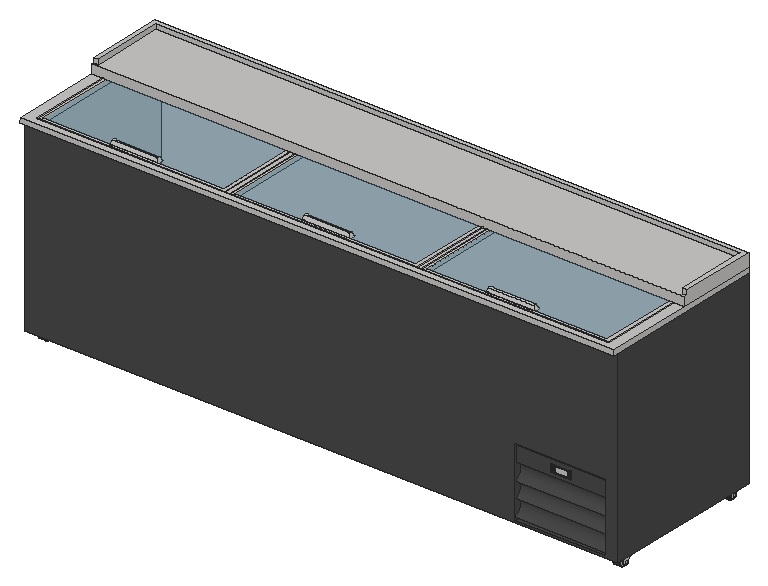
Revit family "QF_Kelvinator_738293_KCHBC95", category Specialty Equipment, Revit 2021 (continued)
Definition of nested family "Family1"
  Definition of nested family "2 INCHES_CASTER"
    Forms (in)
      Extrusion 4, solid, visible <- "2.5 Inches Caster"
        sketch origin (-1.9848148, 1.4329554, -1.8790985) x (0, 1, 0) y (0, 0, 1)
          loop
            arc (-1.3924079, 2.8161157) -> (-1.3613561, 2.6204361) -> (-1.297286, 2.4329536) r 1.153851
            arc (-1.297286, 2.4329536) -> (-0.9480214, 2.212371) -> (-0.6120967, 2.4527811) r 0.3700081
            arc (-0.6120967, 2.4527811) -> (-0.5962517, 2.5012307) -> (-0.5844606, 2.550823) r 0.6169481
            arc (-0.5844606, 2.550823) -> (-0.4061399, 2.9190434) -> (-0.0220314, 3.0599165) r 0.5458454
            line (-0.0220314, 3.0599165) -> (0.0490005, 3.1582536)
            arc (0.0490005, 3.1582536) -> (-0.1506728, 3.3088363) -> (-0.3686075, 3.4315109) r 1.875301
            line (-0.3686075, 3.4315109) -> (-0.3131054, 3.5275324)
            arc (-0.3131054, 3.5275324) -> (-0.514076, 3.5801408) -> (-0.7210621, 3.5978485) r 1.2185902
            line (-0.7210621, 3.5978485) -> (-2.1348121, 3.5978485)
        from 2.7491816 to 2.9082481
      Extrusion 5, solid, visible <- "2.5 Inches Caster"
        sketch origin (1.9848148, 1.4329554, -1.8790985) x (0, 1, 0) y (0, 0, -1)
          loop
            line (-2.1348121, -3.5978485) -> (-0.7210621, -3.5978485)
            arc (-0.7210621, -3.5978485) -> (-0.514076, -3.5801408) -> (-0.3131054, -3.5275324) r 1.2185902
            line (-0.3131054, -3.5275324) -> (-0.3686075, -3.4315109)
            arc (-0.3686075, -3.4315109) -> (-0.1506728, -3.3088363) -> (0.0490005, -3.1582536) r 1.875301
            line (0.0490005, -3.1582536) -> (-0.0220314, -3.0599165)
            arc (-0.0220314, -3.0599165) -> (-0.4061399, -2.9190434) -> (-0.5844606, -2.550823) r 0.5458454
            arc (-0.5844606, -2.550823) -> (-0.5962517, -2.5012307) -> (-0.6120967, -2.4527811) r 0.6169481
            arc (-0.6120967, -2.4527811) -> (-0.9480214, -2.212371) -> (-1.297286, -2.4329536) r 0.3700081
            arc (-1.297286, -2.4329536) -> (-1.3613561, -2.6204361) -> (-1.3924079, -2.8161157) r 1.153851
            arc (-1.3924079, -2.8161157) -> (-1.5372788, -3.2211857) -> (-1.8709154, -3.492766) r 0.800483
            line (-1.8709154, -3.492766) -> (-2.1348121, -3.492766) -> (-2.1348121, -3.5978485)
        from 2.7491816 to 2.9082481
    Cuts and joins
      joined: Revolve 1, Extrusion 2, Revolve 3, Extrusion 4, Extrusion 5
    Lines and regions (in)
      symbolic lines, visible <- "2.5 Inches Caster"
        curve 1: line (0.1065064, 1.591335, 0) -> (0.8094408, 1.1854956, 0)
        curve 2: line (-0.8934936, -0.1407158, 0) -> (0.1065064, 1.591335, 0)
        curve 3: line (-0.1905592, -0.5465552, 0) -> (-0.8934936, -0.1407158, 0)
        curve 4: line (0.8094408, 1.1854956, 0) -> (-0.1905592, -0.5465552, 0)
    Dimensions and locks (in)
      plane 4 "TOP" to level = 1 13/16"  (x2)
      aligned and locked: level to plane 1
